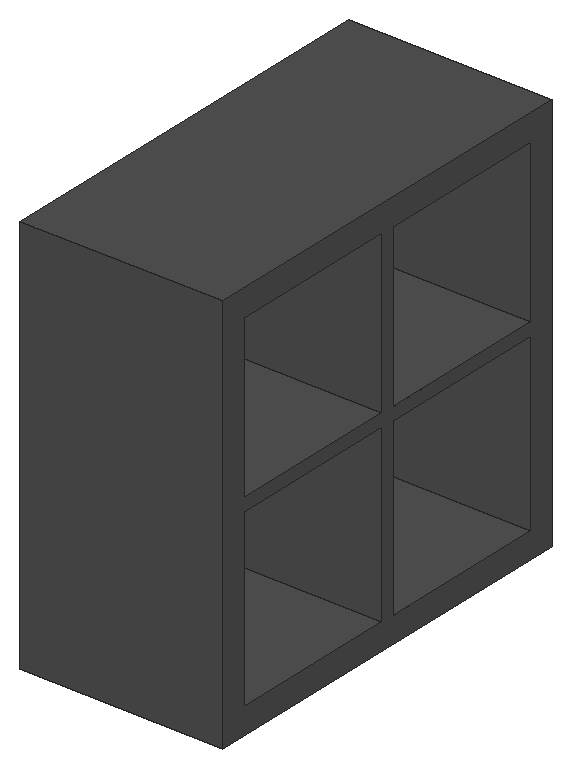
Revit family "IKEA Expedit Storage Shelf 2x2", category Furniture, Revit 2012
Parameters
  Width = 1540 mm
  Thicknes = 50 mm
  Shelve Thicknes = 25 mm
  Shelve Depth = 390 mm
  Material = Paint - Black
  Height = 1490 mm
  Depth = 790 mm
Reference planes
  plane 1 "Centre (Front/Back)": y = 0
  plane 2: z = 0
  plane 3 "Centre (Left/Right)": x = 0
  plane 4 "Left": x = -770
  plane 5 "Right": x = 770
  plane 6 "Back": y = 395
  plane 7 "Front": y = -395
  plane 8 "Top": z = 1490
  plane 9: x = 380
  plane 10: z = 1440
  plane 11: z = 50
  plane 12: z = 1092.5
  plane 13: z = 745
  plane 14: z = 397.5
Forms (mm)
  Extrusion 1, solid, material "Paint - Black" <- "Material"
    sketch origin (0, 395, 0) x (1, 0, 0) y (0, 0, 1)
      loop
        line (380, 770) -> (380, 720) -> (770, 720) -> (770, 770) -> (380, 770)
      loop
        line (380, 410) -> (380, 385) -> (770, 385) -> (770, 410) -> (380, 410)
      loop
        line (380, 50) -> (380, 0) -> (770, 0) -> (770, 50) -> (380, 50)
    from 0 to 790
  Extrusion 2, solid, material "Paint - Black" <- "Material"
    sketch origin (0, 0, 225) x (-1, 0, 0) y (0, -1, 0)
      loop
        line (-770, -395) -> (-380, -395) -> (-380, -345) -> (-770, -345) -> (-770, -395)
      loop
        line (-380, 345) -> (-380, 395) -> (-770, 395) -> (-770, 345) -> (-380, 345)
      loop
        line (-380, -12.5) -> (-380, 12.5) -> (-770, 12.5) -> (-770, -12.5) -> (-380, -12.5)
    from -225 to 495
Cuts and joins
  joined: Extrusion 1, Extrusion 2
Dimensions and locks
  "Width": plane 4 "Left" to plane 5 "Right"
  "Depth": plane 7 "Front" to plane 6 "Back"
  equal spacing: plane 4 "Left", plane 3 "Centre (Left/Right)", plane 5 "Right"
  equal spacing: plane 7 "Front", plane 1 "Centre (Front/Back)", plane 6 "Back"
  "Height": plane 8 "Top" to plane 2
  "Shelve Depth": plane 9 to plane 5 "Right"
  "Thicknes": plane 8 "Top" to plane 10
  "Thicknes": plane 11 to plane 2
  equal spacing: plane 10, plane 12, plane 13, plane 14, plane 11
  equal spacing: Extrusion 1 sketch curve, plane 13, Extrusion 1 sketch curve
  equal spacing: Extrusion 1 sketch curve, plane 14, Extrusion 1 sketch curve
  "Thicknes": Extrusion 2 sketch curve to plane 6 "Back"
  "Thicknes": plane 7 "Front" to Extrusion 2 sketch curve
  "Shelve Thicknes": Extrusion 2 sketch curve to Extrusion 2 sketch curve
  equal spacing: Extrusion 2 sketch curve, plane 1 "Centre (Front/Back)", Extrusion 2 sketch curve
  aligned and locked: Extrusion 1 sketch curve to plane 5 "Right"  (x3)
  aligned and locked: plane 9 to Extrusion 1 sketch curve  (x2)
  aligned and locked: plane 2 to Extrusion 1 sketch curve
  aligned and locked: Extrusion 1 sketch curve to plane 11
  aligned and locked: plane 7 "Front" to Extrusion 1
  aligned and locked: Extrusion 1 to plane 6 "Back"
  aligned and locked: Extrusion 2 sketch curve to plane 6 "Back"
  aligned and locked: plane 5 "Right" to Extrusion 2 sketch curve
  aligned and locked: Extrusion 2 sketch curve to plane 9
  aligned and locked: Extrusion 2 sketch curve to plane 5 "Right"  (x2)
  aligned and locked: plane 9 to Extrusion 2 sketch curve  (x2)
  aligned and locked: Extrusion 2 sketch curve to plane 7 "Front"
  aligned and locked: Extrusion 2 to level
Automatic sketch dimensions
  Extrusion 1 sketch curve to plane 9 = 0 mm
  plane 14 to Extrusion 1 sketch curve = 12.5 mm
  Extrusion 1 sketch curve to plane 13 = 25 mm
